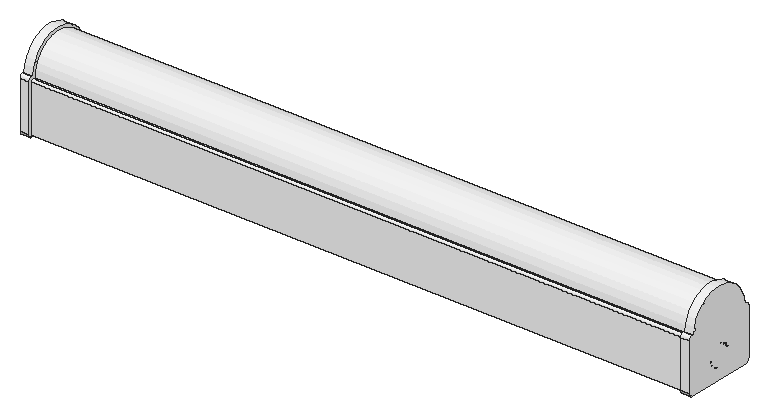
Revit family "0045170 Feilo Sylvania Lighting Fixture SYLBATTEN LED1 NW TP3", category Lighting Fixtures, host Face, Revit 2017
Family settings
  Host = Face
  Round Connector Dimension = Use Diameter
  Part Type = Normal
  OmniClass Number = 23.80.70.00
  OmniClass Title = Lighting
  Cut with Voids When Loaded = No
  Light Source = Yes
  Shared = No
  Room Calculation Point = No
Parameters (values of type "0045170 SYLBATTEN LED1 NW TP3")
  Width_FEILO = 66 mm
  Weight = "1.244 kg"
  Wattage Comments = "n/a"
  Wattage = 11 W
  WarrantyStartDate [instance] = "n/a"
  WarrantyGuarantorParts = "n/a"
  WarrantyDurationUnit = "n/a"
  WarrantyDurationParts = "n/a"
  WarrantyDescription = "n/a"
  built-in parameter 1150110 = 1 (stored number, unit not read)
  Voltage = 230 V
  URL = "http://www.sylvania-lighting.com"
  TypeName = "SYLBATTEN LED1 NW TP3"
  Type Image = <None>
  Type Comments = "n/a"
  built-in parameter 1114217 = 1 (stored number, unit not read)
  Tilt Angle = -90.00°
  built-in parameter 1150109 = 1 (stored number, unit not read)
  built-in parameter 1150134 = 12
  SymReflector_FEILO = no
  built-in parameter 1150113 = 1 (stored number, unit not read)
  SerialNumber [instance] = "n/a"
  PowerFactor = 0
  PowerConsumption = "11 W"
  Photometric Web File = "0045170.ies"
  NominalLength = 605 mm
  NominalHeight = 76 mm
  NominalDepth = 66 mm
  Name = "SYLBATTEN LED1 NW TP3"
  ModelReference = Name  # "SYLBATTEN LED1 NW TP3"
  ModelNumber = "0045170"
  Model = Name  # "SYLBATTEN LED1 NW TP3"
  Material_4_FEILO = Reflector-Sylvania-Sylbatten-White
  Material_3_FEILO = Diffuser-Sylvania-Sylbatten-Glow
  Material_2_FEILO = Body-Sylvania-Sylbatten-White
  Material_1_FEILO = Body-Sylvania-Sylbatten-White
  Material = "sheet steel housing, polycarbonate diffuser"
  ManufacturerName = "Feilo Sylvania"
  Manufacturer = "Feilo Sylvania"
  LuminousEfficacy = "105.2 lm/W"
  built-in parameter 1150105 = 92.148 (stored number, unit not read)
  Lumens = 1157.97 lm
  LuminaireType = ""
  built-in parameter 1150115 = 1 (stored number, unit not read)
  LightOutputRatio = "100"
  built-in parameter 1150137 = (empty or 0)
  built-in parameter 1150139 = (empty or 0)
  Length_FEILO = 605 mm
  LampsType = Lamp  # "LED"
  LampNominalLuminous = "1158 lm"
  LampMacAdamStep = "n/a"
  LampColourTemperature = "4000 K"
  LampColourRenderingIndex = "80"
  built-in parameter 1150112 = 1 (stored number, unit not read)
  built-in parameter 1150114 = 1 (stored number, unit not read)
  Lamp = "LED"
  Keynote = "16500"
  InstallationDate [instance] = "n/a"
  InputVoltage = "220-240V~"
  InputNominalFrequency = "n/a"
  built-in parameter 1150132 = (empty or 0)
  built-in parameter 1150102 = (empty or 0)
  built-in parameter 1150107 = 4000 (stored number, unit not read)
  built-in parameter 1150138 = (empty or 0)
  IngressProtection = "IP20"
  ImpactProtectionIndex = "IK07"
  built-in parameter 1150106 = 0.92148 (stored number, unit not read)
  IfcExportType = "IfcLightFixtureType"
  IfcExportAs = "IfcLightFixtureType"
  Height_FEILO = 76 mm
  ExpectedLife = 50000
  Emit from Rectangle Width = Length_FEILO - 16 mm  # 589 mm
  Emit from Rectangle Length = Width_FEILO - 40 mm  # 26 mm
  Emit Shape Visible in Rendering = no
  ElectricShockClassification = "Class I"
  built-in parameter 1150104 = 9.7799 (stored number, unit not read)
  DurationUnit = "hours"
  DocumentationLiterature = "http://www.sylvania-lighting.com/product/en-int/products/0045170"
  DimmingControlOptions = "n/a"
  Dimming Lamp Color Temperature Shift = <None>
  Description = "LED batten, T8 replacement, ease of installation through 2 part push-in design of the housing (safety cable included), through wiring capability (TP3 = 3 core), sheet steel, 1158LM, 11W, 105lm/W, 4000K, drive current: 350mA, CRI 80, 138° wide beam angle, electronic driver (non dimmable), IP20, IK07, 50,000 hrs (L70), (LxWxH) 605x66x76mm, 5 step MacAdam ellipse, 1.8kg, white RAL9016, Class 1, 220-240V, energy class: A++, A+, A."
  Default Elevation = 1219.2 mm
  CreatedOn = "1/25/2018"
  CreatedBy = ""
  Cost = 0
  Color Filter = 16777215
  built-in parameter 1114216 [instance] = (empty or 0)
  ClassificationValue = "EF_70_80"
  ClassificationName = "Uniclass2015"
  CapOffset_FEILO = 2 mm
  BarCode [instance] = "n/a"
  built-in parameter 1114218 = 1 (stored number, unit not read)
  BackReflector_FEILO = and(not(AsymReflector_FEILO), SymReflector_FEILO)  # no
  built-in parameter 1150133 = 10 (stored number, unit not read)
  FrontReflector_FEILO = or(AsymReflector_FEILO, SymReflector_FEILO)  # no
  AsymReflector_FEILO = no
  AssetType = "Fixed"
  AssetIdentifier [instance] = "n/a"
  Assembly Code = "D5020200"
  Apparent Load = 11 VA
Reference planes
  plane 1 "Center (Front/Back)": y = 0
  plane 2: z = 0
  plane 3 "Center (Left/Right)": x = 0
  plane 4: x = 302.5
  plane 5: x = -302.5
  plane 6: y = 33
  plane 7: y = -33
  plane 8: z = 76
  plane 9: z = 47
  plane 10: y = -29
  plane 11: y = 29
  plane 12: z = 20
  plane 13: z = 74
  plane 14: y = -31
  plane 15: y = -27
  plane 16: y = 27
  plane 17: y = 31
  plane 18: z = 2
  plane 19: x = -294.5
  plane 20: x = 294.5
  plane 21: z = 49
  plane 22: y = 1
  plane 23: y = -1
  plane 24: z = 21
  plane 25: z = 19
  plane 26: y = -61
  plane 27: y = 61
  plane 28: y = -56
  plane 29: y = 56
  plane 30: z = 91
  plane 31: z = 88
Forms (mm)
  Extrusion 1, solid, material "Body-Sylvania-Sylbatten-White" <- "Material_2_FEILO"
    sketch origin (0, 0, 0) x (0, 1, 0) y (0, 0, 1)
      loop
        line (-31, 2) -> (31, 2) -> (31, 45)
        arc (31, 45) -> (30.414, 46.414) -> (29, 47) r 2
        line (29, 47) -> (27, 47)
        arc (27, 47) -> (0, 74) -> (-27, 47) r 27
        line (-27, 47) -> (-29, 47)
        arc (-29, 47) -> (-30.414, 46.414) -> (-31, 45) r 2
        line (-31, 45) -> (-31, 2)
    from -294.5 to 294.5
  Extrusion 2, solid, material "Body-Sylvania-Sylbatten-White" <- "Material_2_FEILO"
    sketch origin (302.5, 1524, 1219.2) x (0, 1, 0) y (0, 0, 1)
      loop
        arc (-1494, -1219.2) -> (-1491.879, -1218.321) -> (-1491, -1216.2) r 3
        line (-1491, -1216.2) -> (-1491, -1173.2)
        arc (-1491, -1173.2) -> (-1491.879, -1171.079) -> (-1494, -1170.2) r 3
        line (-1494, -1170.2) -> (-1495.069, -1170.2)
        arc (-1495.069, -1170.2) -> (-1524, -1143.2) -> (-1552.931, -1170.2) r 29
        line (-1552.931, -1170.2) -> (-1554, -1170.2)
        arc (-1554, -1170.2) -> (-1556.121, -1171.079) -> (-1557, -1173.2) r 3
        line (-1557, -1173.2) -> (-1557, -1216.2)
        arc (-1557, -1216.2) -> (-1556.121, -1218.321) -> (-1554, -1219.2) r 3
        line (-1554, -1219.2) -> (-1494, -1219.2)
      loop
        arc (-1525, -1189.25) -> (-1531.071, -1192.129) -> (-1533.95, -1198.2) r 10
        line (-1533.95, -1198.2) -> (-1532.944, -1198.2)
        arc (-1532.944, -1198.2) -> (-1530.364, -1192.836) -> (-1525, -1190.256) r 9
        line (-1525, -1190.256) -> (-1525, -1189.25)
      loop
        arc (-1523, -1190.256) -> (-1517.636, -1192.836) -> (-1515.056, -1198.2) r 9
        line (-1515.056, -1198.2) -> (-1514.05, -1198.2)
        arc (-1514.05, -1198.2) -> (-1516.929, -1192.129) -> (-1523, -1189.25) r 10
        line (-1523, -1189.25) -> (-1523, -1190.256)
      loop
        line (-1532.944, -1200.2) -> (-1533.95, -1200.2)
        arc (-1533.95, -1200.2) -> (-1531.071, -1206.271) -> (-1525, -1209.15) r 10
        line (-1525, -1209.15) -> (-1525, -1208.144)
        arc (-1525, -1208.144) -> (-1530.364, -1205.564) -> (-1532.944, -1200.2) r 9
      loop
        arc (-1515.056, -1200.2) -> (-1517.636, -1205.564) -> (-1523, -1208.144) r 9
        line (-1523, -1208.144) -> (-1523, -1209.15)
        arc (-1523, -1209.15) -> (-1516.929, -1206.271) -> (-1514.05, -1200.2) r 10
        line (-1514.05, -1200.2) -> (-1515.056, -1200.2)
    from 0 to -8
  Extrusion 3, solid, material "Body-Sylvania-Sylbatten-White" <- "Material_2_FEILO"
    sketch origin (-302.5, 1524, 1219.2) x (0, 1, 0) y (0, 0, 1)
      loop
        arc (-1495.069, -1170.2) -> (-1524, -1143.2) -> (-1552.931, -1170.2) r 29
        line (-1552.931, -1170.2) -> (-1554, -1170.2)
        arc (-1554, -1170.2) -> (-1556.121, -1171.079) -> (-1557, -1173.2) r 3
        line (-1557, -1173.2) -> (-1557, -1216.2)
        arc (-1557, -1216.2) -> (-1556.121, -1218.321) -> (-1554, -1219.2) r 3
        line (-1554, -1219.2) -> (-1494, -1219.2)
        arc (-1494, -1219.2) -> (-1491.879, -1218.321) -> (-1491, -1216.2) r 3
        line (-1491, -1216.2) -> (-1491, -1173.2)
        arc (-1491, -1173.2) -> (-1491.879, -1171.079) -> (-1494, -1170.2) r 3
        line (-1494, -1170.2) -> (-1495.069, -1170.2)
      loop
        line (-1533.95, -1198.2) -> (-1532.944, -1198.2)
        arc (-1532.944, -1198.2) -> (-1530.364, -1192.836) -> (-1525, -1190.256) r 9
        line (-1525, -1190.256) -> (-1525, -1189.25)
        arc (-1525, -1189.25) -> (-1531.071, -1192.129) -> (-1533.95, -1198.2) r 10
      loop
        line (-1523, -1189.25) -> (-1523, -1190.256)
        arc (-1523, -1190.256) -> (-1517.636, -1192.836) -> (-1515.056, -1198.2) r 9
        line (-1515.056, -1198.2) -> (-1514.05, -1198.2)
        arc (-1514.05, -1198.2) -> (-1516.929, -1192.129) -> (-1523, -1189.25) r 10
      loop
        line (-1514.05, -1200.2) -> (-1515.056, -1200.2)
        arc (-1515.056, -1200.2) -> (-1517.636, -1205.564) -> (-1523, -1208.144) r 9
        line (-1523, -1208.144) -> (-1523, -1209.15)
        arc (-1523, -1209.15) -> (-1516.929, -1206.271) -> (-1514.05, -1200.2) r 10
      loop
        line (-1525, -1209.15) -> (-1525, -1208.144)
        arc (-1525, -1208.144) -> (-1530.364, -1205.564) -> (-1532.944, -1200.2) r 9
        line (-1532.944, -1200.2) -> (-1533.95, -1200.2)
        arc (-1533.95, -1200.2) -> (-1531.071, -1206.271) -> (-1525, -1209.15) r 10
    from 0 to 8
  Extrusion 4, solid, material "Reflector-Sylvania-Sylbatten-White" <- "Material_4_FEILO", visible <- "FrontReflector_FEILO"
    sketch origin (0, 0, 0) x (0, 1, 0) y (0, 0, 1)
      loop
        line (-61.257, 88.429) -> (-60.743, 87.571) -> (-56.621, 90.044)
        arc (-56.621, 90.044) -> (-56.237, 90.099) -> (-55.929, 89.863) r 0.5
        line (-55.929, 89.863) -> (-31.435, 46.753) -> (-30.565, 47.247) -> (-55.312, 90.802)
        arc (-55.312, 90.802) -> (-55.928, 91.275) -> (-56.696, 91.165) r 1
        line (-56.696, 91.165) -> (-61.257, 88.429)
    from -294.5 to 294.5
  Extrusion 5, solid, material "Reflector-Sylvania-Sylbatten-White" <- "Material_4_FEILO", visible <- "BackReflector_FEILO"
    sketch origin (0, 0, 0) x (0, 1, 0) y (0, 0, 1)
      loop
        line (30.565, 47.247) -> (31.435, 46.753) -> (55.932, 89.868)
        arc (55.932, 89.868) -> (56.245, 90.112) -> (56.638, 90.062) r 0.518
        line (56.638, 90.062) -> (61.033, 87.565) -> (61.527, 88.435) -> (56.682, 91.188)
        arc (56.682, 91.188) -> (55.922, 91.282) -> (55.318, 90.812) r 1
        line (55.318, 90.812) -> (30.565, 47.247)
    from -294.5 to 294.5
Lines and regions (mm)
  reference lines
    curve 1: line (0, -61, 88) -> (0, -56, 91)
    curve 2: line (0, -56, 91) -> (0, -31, 47)
    curve 3: line (0, 31, 47) -> (0, 56, 91)
    curve 4: line (0, 56, 91) -> (0, 61.28, 88)
Dimensions and locks
  equal spacing: plane 5, plane 3 "Center (Left/Right)", plane 4
  equal spacing: plane 7, plane 1 "Center (Front/Back)", plane 6
  "Width_FEILO": plane 7 to plane 6
  "Length_FEILO": plane 5 to plane 4
  "Height_FEILO": plane 8 to plane 2
  locked: plane 9 to plane 8 at 29
  equal spacing: plane 10, plane 1 "Center (Front/Back)", plane 11
  locked: plane 7 to plane 10 at 4
  locked: plane 12 to plane 2 at 20
  "CapOffset_FEILO": plane 13 to plane 8
  "CapOffset_FEILO": plane 7 to plane 14
  "CapOffset_FEILO": plane 10 to plane 15
  "CapOffset_FEILO": plane 17 to plane 6
  "CapOffset_FEILO": plane 16 to plane 11
  "CapOffset_FEILO": plane 18 to plane 2
  locked: plane 14 to Extrusion 1 sketch curve at 2
  locked: Extrusion 1 sketch curve to plane 9 at 2  (x2)
  locked: plane 16 to Extrusion 1 sketch curve at 2
  equal spacing: plane 19, plane 3 "Center (Left/Right)", plane 20
  locked: plane 5 to plane 19 at 8
  "CapOffset_FEILO": plane 9 to plane 21
  locked: Extrusion 2 sketch curve to plane 2 at 47
  locked: Extrusion 1 sketch curve to plane 2 at 47
  locked: Extrusion 2 sketch curve to plane 2 at 3  (x2)
  locked: plane 7 to Extrusion 2 sketch curve at 3  (x2)
  locked: Extrusion 2 sketch curve to plane 6 at 3  (x2)
  locked: Extrusion 2 sketch curve to plane 21 at 3  (x2)
  equal spacing: plane 23, plane 1 "Center (Front/Back)", plane 22
  equal spacing: plane 25, plane 12, plane 24
  plane 30 to plane 31 to plane 2 = 3 mm locked, 88 mm locked
  plane 28 to plane 29 = 112 mm
  plane 26 to plane 27 = 122 mm
  aligned and locked: plane 2 to host face
  aligned and locked: level to host face
  aligned and locked: plane 18 to Extrusion 1 sketch curve
  aligned and locked: plane 14 to Extrusion 1 sketch curve
  aligned and locked: Extrusion 1 sketch curve to plane 9  (x2)
  aligned and locked: Extrusion 1 sketch curve to plane 17
  aligned and locked: plane 15 to Extrusion 1 sketch curve
  aligned and locked: plane 16 to Extrusion 1 sketch curve
  aligned and locked: plane 9 to Extrusion 1 sketch curve
  aligned and locked: plane 20 to Extrusion 1
  aligned and locked: level to Extrusion 2 sketch curve
  aligned and locked: Extrusion 2 sketch curve to plane 7
  aligned and locked: plane 21 to Extrusion 2 sketch curve
  aligned and locked: Extrusion 2 sketch curve to plane 21
  aligned and locked: plane 1 "Center (Front/Back)" to Extrusion 2 sketch curve  (x3)
  aligned and locked: Extrusion 2 to Extrusion 1
  aligned and locked: plane 4 to Extrusion 2
  aligned and locked: plane 12 to Extrusion 2 sketch curve  (x2)
  aligned and locked: Extrusion 2 sketch curve to plane 22
  aligned and locked: Extrusion 2 sketch curve to plane 23
  aligned and locked: Extrusion 2 sketch curve to plane 24
  aligned and locked: Extrusion 2 sketch curve to plane 25
  aligned and locked: plane 25 to Extrusion 2 sketch curve
  aligned and locked: plane 22 to Extrusion 2 sketch curve
  aligned and locked: plane 24 to Extrusion 2 sketch curve
  aligned and locked: plane 23 to Extrusion 2 sketch curve  (x2)
  aligned and locked: Extrusion 3 sketch curve to Extrusion 2  (x22)
  aligned and locked: Extrusion 3 to Extrusion 1
  aligned and locked: Extrusion 3 to plane 5
  aligned and locked: plane 19 to Extrusion 3
  aligned and locked: plane 31 to curve 1
  aligned and locked: plane 30 to curve 1
  aligned and locked: plane 14 to curve 2
  aligned and locked: plane 9 to curve 2
  aligned and locked: plane 17 to curve 3
  aligned and locked: plane 30 to curve 3
  aligned and locked: plane 31 to curve 4
  aligned and locked: Extrusion 4 sketch curve to curve 2
  aligned and locked: Extrusion 4 sketch curve to curve 1
  aligned and locked: Extrusion 4 to Extrusion 1
  aligned and locked: Extrusion 1 to Extrusion 4
  aligned and locked: imposter light to plane 1 "Center (Front/Back)"
  aligned and locked: imposter light to plane 3 "Center (Left/Right)"
  aligned and locked: imposter light to plane 13
  aligned and locked: Extrusion 5 sketch curve to curve 4
  aligned and locked: Extrusion 5 sketch curve to curve 3
  aligned and locked: Extrusion 1 to Extrusion 5
  aligned and locked: Extrusion 5 to Extrusion 1
Automatic sketch dimensions
  host sketch curve to host sketch curve = 2438.4 mm  (x2)
  Extrusion 2 sketch curve to Extrusion 2 sketch curve = 0 mm  (x14)
  Extrusion 2 sketch curve to plane 10 = 0.069 mm
  plane 23 to Extrusion 2 sketch curve = 8.95 mm
  Extrusion 2 sketch curve to Extrusion 2 sketch curve = 1.006 mm  (x4)
  Extrusion 2 sketch curve to plane 22 = 7.944 mm
  curve 1 to plane 26 = 0 mm
  curve 2 to plane 28 = 0 mm
  curve 4 to plane 29 = 0 mm
  plane 9 to curve 3 = 0 mm
  plane 26 to Extrusion 4 sketch curve = 0.257 mm
  Extrusion 4 sketch curve to plane 26 = 0.257 mm
  Extrusion 4 sketch curve to plane 30 = 0.165 mm
  plane 28 to Extrusion 4 sketch curve = 0.696 mm
  plane 28 to Extrusion 4 sketch curve = 0.621 mm
  plane 28 to Extrusion 4 sketch curve = 0.364 mm
  plane 28 to Extrusion 4 sketch curve = 0.182 mm
  Extrusion 4 sketch curve to plane 28 = 0.071 mm
  plane 30 to Extrusion 4 sketch curve = 0.198 mm
  Extrusion 4 sketch curve to plane 28 = 0.688 mm
  plane 9 to Extrusion 4 sketch curve = 0.247 mm
  plane 1 "Center (Front/Back)" to Extrusion 4 sketch curve = 31.435 mm
  Extrusion 5 sketch curve to plane 9 = 0.247 mm
  Extrusion 5 sketch curve to plane 1 "Center (Front/Back)" = 30.565 mm
  plane 9 to Extrusion 5 sketch curve = 0.247 mm
  plane 30 to Extrusion 5 sketch curve = 0.188 mm
  plane 29 to Extrusion 5 sketch curve = 0.068 mm
  Extrusion 5 sketch curve to plane 29 = 0.188 mm
  Extrusion 5 sketch curve to plane 29 = 0.382 mm
  Extrusion 5 sketch curve to Extrusion 5 sketch curve = 0.256 mm
  Extrusion 5 sketch curve to plane 30 = 0.188 mm
  Extrusion 5 sketch curve to plane 29 = 0.682 mm
  Extrusion 5 sketch curve to plane 27 = 0.033 mm
  Extrusion 5 sketch curve to plane 27 = 0.527 mm
Connectors
  electrical at (0, 0, 0), driven by "Apparent Load", driven by "PowerFactor", driven by "Voltage"
    settings: index 1, voltage 230 V, apparent load 11 VA, apparent load phase1 0 VA, apparent load phase2 0 VA, apparent load phase3 0 VA, power factor 0, load classification "Lighting", number of poles 1, system type 30, power factor state 1, is connector primary yes, connector utility no, sub classification motor no, connector description ""
